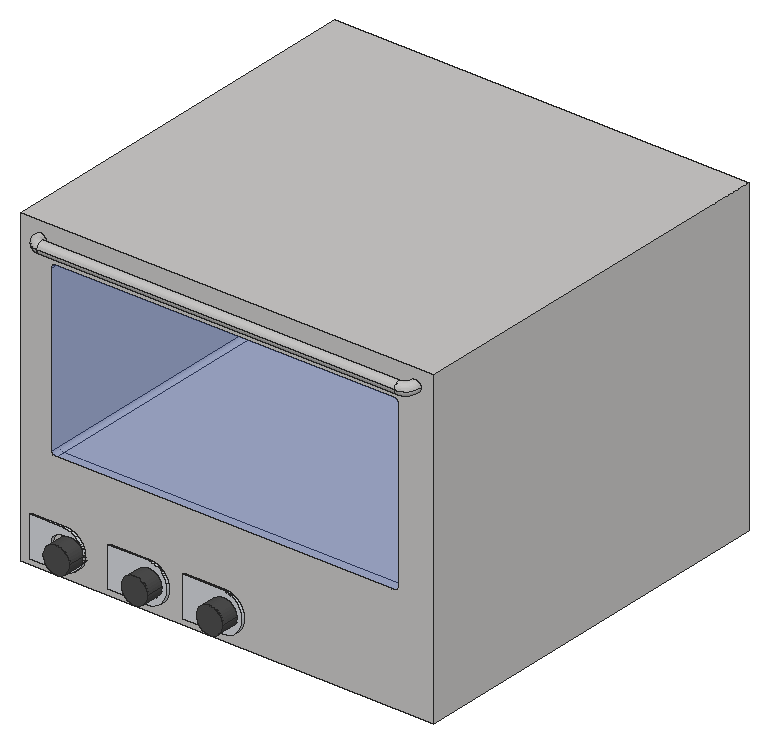
Revit family "QF_Vollrath 40703", category Specialty Equipment, Revit 2016
Family settings
  Part Type = Normal
  Round Connector Dimension = Use Diameter
  OmniClass Number = 23.40.40.14.17.11
  OmniClass Title = Cookers, Ovens, Stoves
  Work Plane-Based = No
  Always vertical = Yes
  Cut with Voids When Loaded = No
  Shared = No
  Room Calculation Point = No
Parameters (values of type "40703")
  Width = 15.80078"
  Weight in Pounds = 70
  Watts = 1400 W
  Watermarked By = "http://revitwatermark.com"
  Volts = 120 V
  URL Cutsheet = ""
  URL = "www.vollrathco.com"
  Status [instance] = ""
  Specification by User [instance] = ""
  Specification by Manufacturer = ""
  Serial Number [instance] = ""
  Seismic Rating [instance] = ""
  Revision Code [instance] = ""
  Phase = 1
  Number of Poles [instance] = 1
  NAFEM Spec ID Number [instance] = ""
  Model = "40703"
  Masterspec = ""
  Manufacturer = "Vollrath"
  Item Number [instance] = ""
  Installed By [instance] = ""
  Height AFF [instance] = 36.00"
  Furnished By [instance] = ""
  Foodservice Equipment Identifier [instance] = yes
  FL Amps = 11.6 A
  Electrical Remarks [instance] = ""
  Electric Connection Type [instance] = ""
  Elec Conn RI Height [instance] = 0.00"
  Elec Conn Connection Height = 2.00"
  Description = "Convection Oven"
  Cycle = 60 Hz
  Conn Plug = "NEMA 5-15P"
  CSI MasterFormat = "11 42 13"
  Assembly Code = "E1090320"
  Apparent Power = if(Phase = 3, Volts * FL Amps * 1.73, Volts * FL Amps)  # 1392 VA
Reference planes (in)
  plane 1: z = 0
  plane 2 "LEFT": x = 48
  plane 3 "BACK": y = -48
  plane 4 "BOTTOM": z = 36
  plane 5 "RIGHT": x = 71.4375
  plane 6 "FRONT": y = -72.5
  plane 7: z = 54.0625
  plane 8: x = 42
  plane 9: x = 77.4375
  plane 10: y = -42
  plane 11: z = 36.37806
  plane 12: y = -70.43078
  plane 13: y = -84.86
Forms (in)
  Extrusion 1, solid, material "QF_Finishes_Stainless Steel"
    sketch origin (0, 1.07788, 0) x (1, 0, 0) y (0, 1, 0)
      loop
        line (48, -50.25) -> (48, -72.48453) -> (71.4375, -72.48453) -> (71.4375, -50.25) -> (48, -50.25)
    from 36.37806 to 54.0625
  Extrusion 2, solid, material "QF_Finishes_Black"
    sketch origin (0, -71.42212, 0.3125) x (-1, 0, 0) y (0, 0, 1)
      loop
        circle (-50.92265, 37.62757) r 0.75
      loop
        circle (-55.35015, 37.62757) r 0.75
      loop
        circle (-59.60015, 37.62757) r 0.75
    from 0.99133 to -1.07788
  Extrusion 3, solid
    sketch origin (0, -72.08231, 0.25) x (-1, 0, 0) y (0, 0, 1)
      loop
        line (-48.62497, 38.80053) -> (-50.55247, 38.80053)
        arc (-50.55247, 38.80053) -> (-51.67747, 37.67553) -> (-50.55247, 36.55053) r 1.125
        line (-50.55247, 36.55053) -> (-48.62497, 36.55053) -> (-48.62497, 38.80053)
      loop
        circle (-50.60015, 37.69007) r 0.75
      loop
        line (-53.05247, 38.80053) -> (-55.30247, 38.80053)
        arc (-55.30247, 38.80053) -> (-56.42747, 37.67553) -> (-55.30247, 36.55053) r 1.125
        line (-55.30247, 36.55053) -> (-53.05247, 36.55053) -> (-53.05247, 38.80053)
      loop
        circle (-55.35015, 37.69007) r 0.75
      loop
        line (-57.30247, 38.80053) -> (-59.55247, 38.80053)
        arc (-59.55247, 38.80053) -> (-60.67747, 37.67553) -> (-59.55247, 36.55053) r 1.125
        line (-59.55247, 36.55053) -> (-57.30247, 36.55053) -> (-57.30247, 38.80053)
      loop
        circle (-59.60015, 37.69007) r 0.75
    from 0.54005 to 1.65152
  Extrusion 4, solid
    sketch origin (0, -48, 0.25) x (1, 0, 0) y (0, 0, 1)
      loop
        circle (51.72364, 38.51797) r 0.5
    from 0 to 1.17212
  Extrusion 5, void
    sketch origin (0, -72.5, 0) x (-1, 0, 0) y (0, 0, 1)
      loop
        arc (-69.1875, 52.14204) -> (-69.36428, 52.06881) -> (-69.4375, 51.89204) r 0.25
        line (-69.4375, 51.89204) -> (-69.4375, 42.6318)
        arc (-69.4375, 42.6318) -> (-69.36428, 42.45502) -> (-69.1875, 42.3818) r 0.25
        line (-69.1875, 42.3818) -> (-50.04527, 42.3818)
        arc (-50.04527, 42.3818) -> (-49.86849, 42.45502) -> (-49.79527, 42.6318) r 0.25
        line (-49.79527, 42.6318) -> (-49.79527, 51.89204)
        arc (-49.79527, 51.89204) -> (-49.86849, 52.06881) -> (-50.04527, 52.14204) r 0.25
        line (-50.04527, 52.14204) -> (-69.1875, 52.14204)
    from 1.09335 to 18.83889
  Extrusion 6, solid, material "QF_Finishes_Glass"
    sketch origin (0, -72.5, 0) x (-1, 0, 0) y (0, 0, 1)
      loop
        arc (-69.1875, 52.14204) -> (-69.36428, 52.06881) -> (-69.4375, 51.89204) r 0.25
        line (-69.4375, 51.89204) -> (-69.4375, 42.6318)
        arc (-69.4375, 42.6318) -> (-69.36428, 42.45502) -> (-69.1875, 42.3818) r 0.25
        line (-69.1875, 42.3818) -> (-50.04527, 42.3818)
        arc (-50.04527, 42.3818) -> (-49.86849, 42.45502) -> (-49.79527, 42.6318) r 0.25
        line (-49.79527, 42.6318) -> (-49.79527, 51.89204)
        arc (-49.79527, 51.89204) -> (-49.86849, 52.06881) -> (-50.04527, 52.14204) r 0.25
        line (-50.04527, 52.14204) -> (-69.1875, 52.14204)
    from 1.09335 to 1.60543
  Extrusion 7, solid, material "QF_Finishes_Stainless Steel"
    sketch origin (0, 0, 0) x (1, 0, 0) y (0, 1, 0)
      loop
        circle (48.79951, -49.98556) r 0.25
    from 36 to 36.37806
  Extrusion 8, solid, material "QF_Finishes_Stainless Steel"
    sketch origin (22.25, 0, 0) x (1, 0, 0) y (0, 1, 0)
      loop
        circle (48.47701, -49.98556) r 0.25
    from 36 to 36.37806
  Extrusion 9, solid, material "QF_Finishes_Stainless Steel"
    sketch origin (22.25, -19.75, 0) x (1, 0, 0) y (0, 1, 0)
      loop
        circle (48.47701, -49.98556) r 0.25
    from 36 to 36.37806
  Extrusion 10, solid, material "QF_Finishes_Stainless Steel"
    sketch origin (-0.00397, -19.75, 0) x (1, 0, 0) y (0, 1, 0)
      loop
        circle (48.79951, -49.98556) r 0.25
    from 36 to 36.37806
  Sweep 11, solid, material "QF_Finishes_Stainless Steel"
    path origin (0, 0.01547, 0) x (1, 0, 0) y (0, 1, 0)
      loop
        arc (49.15622, -71.42212) -> (49.27584, -71.80524) -> (49.64187, -71.9699) r 0.48918
        line (49.64187, -71.9699) -> (69.87607, -71.9699)
        arc (69.87607, -71.9699) -> (70.2421, -71.80524) -> (70.36172, -71.42212) r 0.48918
    profile origin (59.75897, -71.95443, 0) x (0, 1, 0) y (0, 0, 1)
      loop
        circle (0, 53.12722) r 0.32017
  Extrusion 12, solid, material "QF_Finishes_Clearances", detail levels coarse
    sketch origin (0, 0, 0) x (1, 0, 0) y (0, 1, 0)
      loop
        line (48, -72.5) -> (48, -48) -> (71.4375, -48) -> (71.4375, -72.5) -> (77.4375, -72.5) -> (77.4375, -42) -> (42, -42) -> (42, -72.5) -> (48, -72.5)
    from 36 to 54.0625
Cuts and joins
  Extrusion 5 cuts Extrusion 1
Lines and regions (in)
  model lines
    curve 1: line (48.63581, -70.43078, 53.4629) -> (70.81331, -70.43078, 53.4629)
    curve 2: line (48.63581, -71.40665, 39.9004) -> (48.63581, -71.40665, 53.4629)
    curve 3: line (48.63581, -71.40665, 53.4629) -> (70.81331, -71.40665, 53.4629)
    curve 4: line (70.81331, -71.40665, 39.9004) -> (70.81331, -71.40665, 53.4629)
    curve 5: line (70.81331, -71.40665, 39.9004) -> (70.81331, -71.40665, 53.4629)
    curve 6: line (70.81331, -71.40665, 39.9004) -> (48.63581, -71.40665, 39.9004)
  symbolic lines
    curve 7: line (48, -71.40665, 0) -> (48, -49.17212, 0)
    curve 8: line (48, -49.17212, 0) -> (51.22364, -49.17212, 0)
    curve 9: line (51.22364, -49.17212, 0) -> (51.22364, -48, 0)
    curve 10: line (51.22364, -48, 0) -> (52.22364, -48, 0)
    curve 11: line (52.22364, -48, 0) -> (52.22364, -49.17212, 0)
    curve 12: line (52.22364, -49.17212, 0) -> (71.4375, -49.17212, 0)
    curve 13: line (71.4375, -49.17212, 0) -> (71.4375, -71.40665, 0)
    curve 14: line (71.4375, -71.40665, 0) -> (70.81331, -71.40665, 0)
    curve 15: arc (70.81331, -71.40665, 0) -> (70.55443, -72.03165, 0) -> (69.92943, -72.29053, 0) r 0.88388
    curve 16: line (69.92943, -72.29053, 0) -> (49.50193, -72.29053, 0)
    curve 17: arc (49.50193, -72.29053, 0) -> (48.87693, -72.03165, 0) -> (48.61805, -71.40665, 0) r 0.88388
    curve 18: line (48.61805, -71.40665, 0) -> (48, -71.40665, 0)
    curve 19: line (50.1599, -72.29053, 0) -> (50.1599, -72.5, 0)
    curve 20: line (50.1599, -72.5, 0) -> (51.67265, -72.5, 0)
    curve 21: line (51.67265, -72.5, 0) -> (51.67265, -72.29053, 0)
    curve 22: line (54.92265, -72.29053, 0) -> (54.92265, -72.5, 0)
    curve 23: line (54.92265, -72.5, 0) -> (56.42265, -72.5, 0)
    curve 24: line (56.42265, -72.5, 0) -> (56.42265, -72.29053, 0)
    curve 25: line (59.17265, -72.29053, 0) -> (59.17265, -72.5, 0)
    curve 26: line (59.17265, -72.5, 0) -> (60.67265, -72.5, 0)
    curve 27: line (60.67265, -72.5, 0) -> (60.67265, -72.29053, 0)
    curve 28: arc (70.04386, -71.44501, 0) -> (69.99209, -71.57001, 0) -> (69.86709, -71.62178, 0) r 0.17678
    curve 29: line (69.86709, -71.62178, 0) -> (49.55632, -71.62178, 0)
    curve 30: arc (49.55632, -71.62178, 0) -> (49.4502, -71.55112, 0) -> (49.37954, -71.44501, 0) r 0.32412
    curve 31: line (49.47408, -71.44501, 0) -> (70.04386, -71.44501, 0)
  symbolic lines, style "QF_Clearances", detail levels coarse
    curve 32: line (48, -71.40665, 0) -> (48, -84.90665, 0)
    curve 33: line (48, -84.90665, 0) -> (71.4375, -84.90665, 0)
    curve 34: line (71.4375, -84.90665, 0) -> (71.4375, -71.40665, 0)
Dimensions and locks (in)
  plane 2 "LEFT" to plane 5 "RIGHT" = 23.4375"
  plane 6 "FRONT" to plane 3 "BACK" = 24.50"
  "Height AFF": plane 4 "BOTTOM" to level
  plane 7 to plane 4 "BOTTOM" = 18.0625"
  locked: plane 2 "LEFT" to plane 5 "RIGHT" at 23.4375
  locked: plane 6 "FRONT" to plane 3 "BACK" at 24.5
  plane 3 "BACK" to plane 10 = 6.00"
  plane 8 to plane 2 "LEFT" = 6.00"
  locked: plane 5 "RIGHT" to plane 9 at 6
  locked: plane 11 to plane 4 "BOTTOM" at 0.37806
  locked: plane 7 to Sweep 11 sketch curve at 0.93528
  aligned and locked: level to plane 1
  aligned and locked: plane 7 to Extrusion 1
  aligned: Extrusion 1 to plane 4 "BOTTOM"
  aligned and locked: Extrusion 10 to cut or joined group of Extrusion 1, Extrusion 5
  aligned and locked: Extrusion 10 to plane 4 "BOTTOM"
  aligned and locked: Extrusion 9 to cut or joined group of Extrusion 1, Extrusion 5
  aligned and locked: Extrusion 9 to plane 4 "BOTTOM"
  aligned and locked: Extrusion 8 to cut or joined group of Extrusion 1, Extrusion 5
  aligned and locked: Extrusion 8 to plane 4 "BOTTOM"
  aligned and locked: Extrusion 7 to cut or joined group of Extrusion 1, Extrusion 5
  aligned and locked: Extrusion 7 to plane 4 "BOTTOM"
  aligned and locked: Extrusion 1 to plane 11
  aligned and locked: plane 7 to Extrusion 12
  aligned and locked: Extrusion 12 to plane 4 "BOTTOM"
Automatic sketch dimensions
  Extrusion 1 sketch curve to plane 2 "LEFT" = 0.00"
  Extrusion 1 sketch curve to plane 5 "RIGHT" = 0.00"
  plane 12 to Extrusion 1 sketch curve = 0.97587"
  plane 3 "BACK" to Extrusion 1 sketch curve = 1.17212"
  plane 2 "LEFT" to Extrusion 7 sketch curve = 0.79951"
  plane 3 "BACK" to Extrusion 7 sketch curve = 1.98556"
  Extrusion 8 sketch curve to plane 5 "RIGHT" = 0.71049"
  plane 3 "BACK" to Extrusion 8 sketch curve = 1.98556"
  Extrusion 9 sketch curve to plane 5 "RIGHT" = 0.71049"
  Extrusion 9 sketch curve to plane 12 = 0.69522"
  plane 2 "LEFT" to Extrusion 10 sketch curve = 0.79554"
  Extrusion 10 sketch curve to plane 12 = 0.69522"
  plane 2 "LEFT" to Sweep 11 sketch curve = 1.15622"
  Sweep 11 sketch curve to Sweep 11 sketch curve = 0.48565"  (x2)
  plane 6 "FRONT" to Sweep 11 sketch curve = 0.54557"
  Sweep 11 sketch curve to plane 5 "RIGHT" = 1.56143"
  Sweep 11 sketch curve to Sweep 11 sketch curve = 0.48918"  (x2)
  Sweep 11 sketch curve to profile plane = 0.00"
  plane 11 to Extrusion 2 sketch curve = 1.56202"  (x3)
  Extrusion 2 sketch curve to plane 5 "RIGHT" = 11.83735"
  Extrusion 2 sketch curve to Extrusion 2 sketch curve = 4.25"
  plane 2 "LEFT" to Extrusion 2 sketch curve = 2.92265"
  Extrusion 3 sketch curve to Extrusion 3 sketch curve = 0.00"  (x6)
  plane 11 to Extrusion 3 sketch curve = 1.56202"
  Extrusion 3 sketch curve to plane 5 "RIGHT" = 11.08735"
  Extrusion 3 sketch curve to Extrusion 3 sketch curve = 0.75"  (x3)
  Extrusion 3 sketch curve to Extrusion 3 sketch curve = 0.04769"  (x3)
  Extrusion 3 sketch curve to Extrusion 3 sketch curve = 1.54769"  (x2)
  Extrusion 3 sketch curve to Extrusion 3 sketch curve = 1.20231"
  plane 11 to Extrusion 3 sketch curve = 0.42247"  (x3)
  Extrusion 3 sketch curve to Extrusion 3 sketch curve = 1.70231"
  plane 2 "LEFT" to Extrusion 3 sketch curve = 0.62497"
  Extrusion 3 sketch curve to Extrusion 3 sketch curve = 1.125"  (x2)
  Extrusion 3 sketch curve to Extrusion 3 sketch curve = 0.01454"  (x3)
  plane 2 "LEFT" to Extrusion 4 sketch curve = 3.72364"
  plane 11 to Extrusion 4 sketch curve = 2.38991"
  Extrusion 5 sketch curve to plane 5 "RIGHT" = 2.00"
  Extrusion 5 sketch curve to Extrusion 5 sketch curve = 0.25"  (x3)
  plane 2 "LEFT" to Extrusion 5 sketch curve = 2.04527"  (x2)
  plane 11 to Extrusion 5 sketch curve = 6.00374"
  Extrusion 5 sketch curve to plane 7 = 2.17046"
  Extrusion 6 sketch curve to plane 5 "RIGHT" = 2.00"
  Extrusion 6 sketch curve to Extrusion 6 sketch curve = 0.25"  (x3)
  plane 2 "LEFT" to Extrusion 6 sketch curve = 2.04527"  (x2)
  plane 11 to Extrusion 6 sketch curve = 6.00374"
  Extrusion 6 sketch curve to plane 7 = 2.17046"
  curve 1 to plane 5 "RIGHT" = 0.62419"
  plane 2 "LEFT" to curve 1 = 0.63581"
  curve 1 to plane 7 = 0.5996"
  curve 4 to plane 5 "RIGHT" = 0.62419"
  plane 2 "LEFT" to curve 2 = 0.63581"
  plane 11 to curve 2 = 3.52234"
  curve 3 to plane 7 = 0.5996"
  Extrusion 12 sketch curve to plane 6 "FRONT" = 0.00"  (x2)
  Extrusion 12 sketch curve to plane 8 = 0.00"
  Extrusion 12 sketch curve to plane 2 "LEFT" = 0.00"
  Extrusion 12 sketch curve to plane 5 "RIGHT" = 0.00"
  Extrusion 12 sketch curve to plane 9 = 0.00"
  plane 3 "BACK" to Extrusion 12 sketch curve = 0.00"
  plane 10 to Extrusion 12 sketch curve = 0.00"
  curve 7 to plane 2 "LEFT" = 0.00"
  curve 20 to plane 6 "FRONT" = 0.00"
  plane 3 "BACK" to curve 10 = 0.00"
  curve 23 to plane 6 "FRONT" = 0.00"
  curve 26 to plane 6 "FRONT" = 0.00"
  curve 13 to plane 5 "RIGHT" = 0.00"
  curve 7 to curve 17 = 0.61805"
  curve 17 to curve 30 = 0.7615"
  curve 30 to curve 31 = 0.09453"
  plane 6 "FRONT" to curve 17 = 0.20947"
  curve 31 to curve 17 = 0.02785"
  curve 31 to curve 30 = 0.08224"
  curve 17 to curve 30 = 0.17746"
  curve 17 to curve 20 = 0.65797"
  plane 3 "BACK" to curve 8 = 1.17212"
  curve 7 to curve 8 = 3.22364"
  curve 19 to curve 21 = 1.51275"
  curve 8 to curve 11 = 1.00"
  curve 20 to curve 23 = 3.25"
  curve 22 to curve 23 = 1.50"
  curve 23 to curve 26 = 2.75"
  curve 25 to curve 26 = 1.50"
  curve 29 to plane 5 "RIGHT" = 1.57041"
  curve 28 to curve 16 = 0.06235"
  curve 15 to curve 31 = 0.11443"
  curve 14 to curve 34 = 0.62419"
  curve 32 to plane 13 = 0.04665"
  curve 30 to curve 17 = 0.21513"
  curve 30 to curve 31 = 0.00"
  curve 8 to curve 12 = 0.00"
  radius of Extrusion 7 sketch curve = 0.25"
  radius of Extrusion 8 sketch curve = 0.25"
  radius of Extrusion 9 sketch curve = 0.25"
  radius of Extrusion 10 sketch curve = 0.25"
  radius of Sweep 11 sketch curve = 0.32017"
  radius of Extrusion 2 sketch curve = 0.75"  (x3)
  radius of Extrusion 4 sketch curve = 0.50"
Connectors (in)
  electrical at (51.72364, -48, 38.76797), driven by "Number of Poles", driven by "Volts", driven by "Apparent Power"
    settings: on Extrusion 4, index 1, voltage 120 V, apparent load 1392 VA, apparent load phase1 0 VA, apparent load phase2 0 VA, apparent load phase3 0 VA, power factor 1, load classification "Other", number of poles 1, system type 30, power factor state 1, is connector primary yes, connector utility no, sub classification motor no, connector description "Electric Connection"
